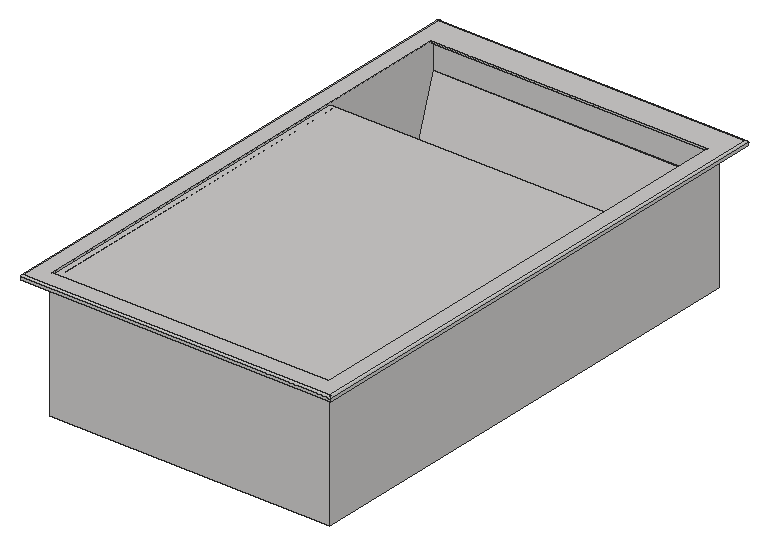
Revit family "PRD_AR_WstBns_RODANWasteBin_RODX605EE", category Specialty Equipment, host Face, Revit 2018
Family settings
  Host = Face
  Round Connector Dimension = Use Diameter
  Part Type = Normal
  OmniClass Number = 23.40.20.31.11
  OmniClass Title = Bins
  Cut with Voids When Loaded = Yes
  Shared = No
  Room Calculation Point = No
Parameters (values of type "RODX605EE")
  WasteBinMaterial = PRD_AR_StainlessSteel_SatinFinished
  WarrantyStartDate [instance] = "1900-12-31T23:59:59"
  WarrantyGuarantorParts = "n/a"
  WarrantyGuarantorLabor = "n/a"
  WarrantyDurationUnit = "year"
  WarrantyDurationParts = "n/a"
  WarrantyDurationLabor = "n/a"
  WarrantyDescription = "n/a"
  Version = "1"
  Uniclass2015Version = "Products v1.10"
  Uniclass2015Title = "Waste bins"
  Uniclass2015Code = "Pr_40_50_07_96"
  URL = "www.kwc.com"
  TypeOfMounting = "Recessed mounting"
  TypeOfFixing = "Screw"
  TagNumber [instance] = "n/a"
  SustainabilityPerformance = "n/a"
  Style = "waste bin"
  Size = "410 x 690 x 171 mm"
  Shape = "n/a"
  SerialNumber [instance] = "n/a"
  Revision = "n/a"
  ReplacementCost = "n/a"
  ProductInformation = "https://pim.kwc.com/product/2000101344/attachment/datasheet?locale=en"
  NominalWidth = 410.00 mm
  NominalHeight = 690.00 mm
  NominalDepth = 171.00 mm
  NetWeight = 8.32 kg
  Name = "Waste Bin RODX605EE"
  NBSTypeID = "n/a"
  NBSReference = "45-35-72/380"
  NBSOfficeMasterTag = "n/a"
  NBSNote = "n/a"
  NBSDescription = "Waste bins"
  NBSCertification = "n/a"
  ModelReference = "RODX605EE"
  ModelNumber = "2000101344"
  Model = ModelReference  # "RODX605EE"
  MaterialThickness = "0.80 mm"
  MaterialCode = "1.4301"
  Material = "stainless steel"
  ManufacturerURL = "www.kwc.com"
  ManufacturerName = "KWC Group AG"  # constant formula
  Manufacturer = ManufacturerName  # "KWC Group AG"
  MainColor = "stainless steel"
  Lock = "Key-lock"
  Lid = "No"
  IsBuiltIn = "TRUE"
  IntegralAccessories = "incl. stainless steel screws and dowels"
  InstallationDate [instance] = "1900-12-31T23:59:59"
  IfcExportType = "USERDEFINED"
  IfcExportAs = "IfcFurnitureType"
  GrossWeight = 9.90 kg
  Grade = "n/a"
  Finish = "satin finished"
  FillingVolume = "23.00 liter"
  Features = "stainless steel, surface satin finished"
  ExpectedLife = "n/a"
  DurationUnit = "year"
  Description = "Waste bin for recessed mounting, stainless steel, surface satin finished, material thickness 0.8 mm, rounded edges, cylinder lock with KWC standard key, mounting with in-wall frame, includes stainless steel screws and dowels. Approx. 23 liter capacity, full recessed version"
  Default Elevation = 850.00 mm
  CreateOn = "11/2019"  # constant formula
  Constituents = "n/a"
  Color = "n/a"
  CodePerformance = "n/a"
  Category = "Pr_40_50_07_96, Waste bins"
  BarCode [instance] = "n/a"
  BagHolder = "Optional"
  BIMObjectName = "PRD_AR_WasteBins_RODANWasteBin_RODX605EE"
  Author = "Archispace"  # constant formula
  AssetType = "Fixed"
  AssetIdentifier [instance] = "n/a"
  AccessibilityPerformance = "n/a"
Reference planes
  plane 1 "Center (Front/Back)": y = 0
  plane 2: z = 0
  plane 3 "Center (Left/Right)": x = 0
Forms (mm)
  Extrusion 1, void
    sketch origin (0, 0, 0) x (1, 0, 0) y (0, 1, 0)
      loop
        line (-185, 321) -> (-185, -321) -> (185, -321) -> (185, 321) -> (-185, 321)
    from 0 to -164
Dimensions and locks
  Extrusion 1 sketch curve to Extrusion 1 sketch curve = 370.00 mm
  Extrusion 1 sketch curve to Extrusion 1 sketch curve = 642.00 mm
  aligned and locked: plane 2 to host face
  aligned and locked: level to host face
Nested families
  nested 1: "RODX605EE" at (0, 0, 0), Material <- "WasteBinMaterial", type "RODX605EE"
    with Material PRD_AR_StainlessSteel_SatinFinished
Definition of nested family "RODX605EE"
  Parameters (values of type "2000101344-RODX605EE")
    Default Elevation = 1219.20 mm
    Material [instance] = none
  Reference planes
    plane 1 "Środek (Przód/Tył)": y = 0
    plane 2: z = 0
    plane 3 "Środek (Lewa/Prawa)": x = 0
  Forms (mm)
    Extrusion 1, solid, material <- "Material", detail levels fine
      sketch origin (0, 0, 0) x (1, 0, 0) y (0, 1, 0)
        loop
          line (-205, 345) -> (-205, -345) -> (205, -345) -> (205, 345) -> (-205, 345)
      from 0 to 6
    Sweep 2, void
      path in 3D
        loop
          line (-205, 345, 6) -> (-205, -345, 6) -> (205, -345, 6) -> (205, 345, 6) -> (-205, 345, 6)
      profile origin (0, 345, 6) x (0, -1, 0) y (0, 0, 1)
        loop
          line (0, 0) -> (0, -2.5)
          arc (0, -2.5) -> (0.732, -0.732) -> (2.5, 0) r 2.5
          line (2.5, 0) -> (0, 0)
    Extrusion 3, void
      sketch origin (0, 0, 0) x (1, 0, 0) y (0, 1, 0)
        loop
          line (-183, 320) -> (-183, 139) -> (183, 139) -> (183, 320) -> (-183, 320)
      from -92 to 3.5
    Extrusion 4, solid, material <- "Material", detail levels fine
      sketch origin (0, 0, 0) x (0, 1, 0) y (0, 0, 1)
        loop
          line (321, 0) -> (-321, 0) -> (-321, -164) -> (321, -164) -> (321, 0)
      from -185 to 185
    Extrusion 5, void
      sketch origin (0, 0, 0) x (0, 1, 0) y (0, 0, 1)
        loop
          line (139, 0) -> (139, -163.07) -> (320, -163.07) -> (320, 0) -> (139, 0)
      from -183 to 183
    Extrusion 6, void
      sketch origin (0, 0, 10.034) x (1, 0, 0) y (0, 0, 1)
        loop
          arc (-178.015, -10.034) -> (-179.429, -10.62) -> (-180.015, -12.034) r 2
          line (-180.015, -12.034) -> (-180.015, -158.07)
          arc (-180.015, -158.07) -> (-179.429, -159.484) -> (-178.015, -160.07) r 2
          line (-178.015, -160.07) -> (180, -160.07)
          arc (180, -160.07) -> (181.414, -159.484) -> (182, -158.07) r 2
          line (182, -158.07) -> (182, -12.034)
          arc (182, -12.034) -> (181.414, -10.62) -> (180, -10.034) r 2
          line (180, -10.034) -> (-178.015, -10.034)
      from -139 to 315.109
    Extrusion 7, solid, material <- "Material", detail levels medium
      sketch origin (0, 0, 0) x (1, 0, 0) y (0, 1, 0)
        loop
          line (-205, 345) -> (-205, -345) -> (205, -345) -> (205, 345) -> (-205, 345)
      from 0 to 6
    Extrusion 8, void
      sketch origin (0, 0, 0) x (1, 0, 0) y (0, 1, 0)
        loop
          line (-183, 320) -> (-183, 139) -> (183, 139) -> (183, 320) -> (-183, 320)
      from 0 to 6
    Extrusion 9, solid, material <- "Material", detail levels coarse
      sketch origin (0, 0, 0) x (1, 0, 0) y (0, 1, 0)
        loop
          line (-205, 345) -> (-205, -345) -> (205, -345) -> (205, 345) -> (-205, 345)
      from 0 to 6
    Extrusion 10, solid, material <- "Material", detail levels coarse
      sketch origin (0, 0, 0) x (0, 1, 0) y (0, 0, 1)
        loop
          line (321, 0) -> (-321, 0) -> (-321, -164) -> (321, -164) -> (321, 0)
      from -185 to 185
    Revolve 11, solid, material <- "Material", detail levels fine
      sketch origin (0, -337.464, -159.07) x (0, 1, 0) y (0, 0, 1)
        loop
          line (508.475, 14) -> (508.475, 16.65)
          arc (508.475, 16.65) -> (507.889, 18.064) -> (506.475, 18.65) r 2
          line (506.475, 18.65) -> (504.716, 18.65)
          arc (504.716, 18.65) -> (504.35, 19.016) -> (503.85, 19.15) r 1
          line (503.85, 19.15) -> (498.5, 19.15) -> (498.5, 14) -> (508.475, 14)
        axis (498.5, 19.15) -> (498.5, 14)
      angle from 0 to 360
    Revolve 12, solid, material <- "Material", detail levels medium
      sketch origin (0, -337.464, -159.07) x (0, 1, 0) y (0, 0, 1)
        loop
          line (508.475, 14) -> (508.475, 19.15) -> (498.5, 19.15) -> (498.5, 14) -> (508.475, 14)
        axis (498.5, 19.15) -> (498.5, 14)
      angle from 0 to 360
    Extrusion 13, solid, material <- "Material", detail levels medium
      sketch origin (0, 0, 0) x (0, 1, 0) y (0, 0, 1)
        loop
          line (321, 0) -> (-321, 0) -> (-321, -164) -> (321, -164) -> (321, 0)
      from -185 to 185
    Extrusion 14, solid, material <- "Material", detail levels fine
      sketch origin (0, 0, -71.07) x (0, 1, 0) y (0, 0, 1)
        loop
          line (143, -75) -> (143, -92) -> (144, -92) -> (144, -76)
          arc (144, -76) -> (144.293, -75.293) -> (145, -75) r 1
          line (145, -75) -> (270.254, -75)
          arc (270.254, -75) -> (270.839, -74.812) -> (271.203, -74.317) r 1
          line (271.203, -74.317) -> (309.476, 40.095)
          arc (309.476, 40.095) -> (309.573, 40.487) -> (309.606, 40.889) r 2.5
          line (309.606, 40.889) -> (309.606, 73.481)
          arc (309.606, 73.481) -> (309.898, 74.189) -> (310.606, 74.481) r 1
          line (310.606, 74.481) -> (320, 74.481) -> (320, 75.481) -> (309.606, 75.481)
          arc (309.606, 75.481) -> (308.898, 75.189) -> (308.606, 74.481) r 1
          line (308.606, 74.481) -> (308.606, 41.051)
          arc (308.606, 41.051) -> (308.573, 40.65) -> (308.476, 40.258) r 2.5
          line (308.476, 40.258) -> (270.483, -73.317)
          arc (270.483, -73.317) -> (270.119, -73.812) -> (269.534, -74) r 1
          line (269.534, -74) -> (144, -74)
          arc (144, -74) -> (143.293, -74.293) -> (143, -75) r 1
      from -183 to 183
    Extrusion 15, solid, material <- "Material", detail levels medium
      sketch origin (0, 0, -71.07) x (0, 1, 0) y (0, 0, 1)
        loop
          line (139, -74) -> (139, -92) -> (140, -92) -> (140, -75) -> (270.974, -75) -> (309.606, 40.481) -> (309.606, 74.481) -> (320, 74.481) -> (320, 75.481) -> (308.606, 75.481) -> (308.606, 40.644) -> (270.254, -74) -> (139, -74)
      from -183 to 183
    Extrusion 16, void
      sketch origin (0, 0, 0) x (1, 0, 0) y (0, 1, 0)
        loop
          line (-183, -321) -> (183, -321) -> (183, 305) -> (-183, 305) -> (-183, -321)
      from 2.991 to 5.996
  Cuts and joins
    Sweep 2, Extrusion 3, Extrusion 6, Extrusion 16 cuts Extrusion 1
    Extrusion 5, Extrusion 6 cuts Extrusion 4
    joined: Extrusion 1, Extrusion 4
    Extrusion 8 cuts Extrusion 7
    Extrusion 5 cuts Extrusion 13
    joined: Extrusion 7, Extrusion 13
    joined: Revolve 11, Extrusion 14
    joined: Revolve 12, Extrusion 15
    joined: Extrusion 9, Extrusion 10
  Lines and regions (mm)
    sketch lines
      curve 1: line (205, 345, 6) -> (-205, 345, 6)
      curve 2: line (-205, 345, 6) -> (-205, -345, 6)
      curve 3: line (205, -345, 6) -> (205, 345, 6)
      curve 4: line (-205, -345, 6) -> (205, -345, 6)
  Dimensions and locks
    aligned and locked: level to plane 2
